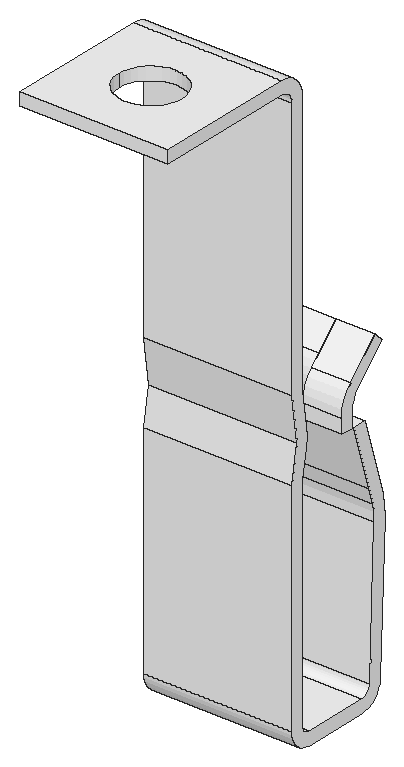
Revit family "hanger_cc19cc25", category 機械設備, Revit 2022
Family settings
  丸型コネクタ寸法 = 直径を使用
  種別 = なし
  パーツ タイプ = 標準
  作業面ベース = いいえ
  常に垂直 = はい
  ロード時にボイドで切り取り = いいえ
  注釈の向きを維持 = いいえ
  共有 = いいえ
  部屋計算ポイント = いいえ
Parameters
  製造元 = "株式会社桐井製作所"
  既定の高さ = 0 mm
  URL = "https://www.kirii.co.jp/"
  K_材質 = "SGCC一般用またはSGHC一般用"
  K_品名 = "CC-19用ハンガー、CC-25用ハンガー"
  K_名称 = "ハンガー"
  K_単位質量(kg/個) = 0.064
  K_入数 = "300"
  K_バージョン情報 = "20210524"
  K_めっき付着量 = "Z12"
  K_JIS規格 = "JIS G 3302"
  K_JIS外 [instance] = not(K_JIS)  # no
  K_JIS [instance] = yes
Reference planes
  plane 1 "中心(正面/背面)": y = 0
  plane 2: z = 0
  plane 3 "中心(左/右)": x = 0
  plane 4: x = 10
  plane 5: x = -10
Forms (mm)
  Extrusion 1, solid
    sketch origin (0, -1.432, 0) x (0, 1, 0) y (0, 0, 1)
      loop
        arc (10.858, 46.52) -> (9.317, 43.754) -> (9.398, 40.59) r 6
        line (9.398, 40.59) -> (9.685, 39.636) -> (13, 28.636) -> (13.708, 26.288)
        arc (13.708, 26.288) -> (13.984, 24.986) -> (14.041, 23.656) r 8
        line (14.041, 23.656) -> (13.142, 1.439)
        arc (13.142, 1.439) -> (12.682, 0.418) -> (11.643, 0) r 1.5
        line (11.643, 0) -> (1.5, 0)
        arc (1.5, 0) -> (0.439, 0.439) -> (0, 1.5) r 1.5
        line (0, 1.5) -> (0, 35.7) -> (0.716, 39.581)
        arc (0.716, 39.581) -> (0.88, 41.202) -> (0.778, 42.828) r 10
        line (0.778, 42.828) -> (0, 48.2) -> (0, 89)
        arc (0, 89) -> (-1.172, 91.828) -> (-4, 93) r 4
        line (-4, 93) -> (-26, 93) -> (-26, 91) -> (-4, 91)
        arc (-4, 91) -> (-2.586, 90.414) -> (-2, 89) r 2
        line (-2, 89) -> (-2, 48.2) -> (-1.027, 41.2) -> (-2, 35.7) -> (-2, 1.5)
        arc (-2, 1.5) -> (-0.975, -0.975) -> (1.5, -2) r 3.5
        line (1.5, -2) -> (11.643, -2)
        arc (11.643, -2) -> (14.067, -1.024) -> (15.14, 1.358) r 3.5
        line (15.14, 1.358) -> (16.04, 23.575)
        arc (16.04, 23.575) -> (15.968, 25.237) -> (15.623, 26.865) r 10
        line (15.623, 26.865) -> (11.313, 41.167)
        arc (11.313, 41.167) -> (11.259, 43.276) -> (12.286, 45.12) r 4
        line (12.286, 45.12) -> (15.5, 48.4) -> (14.072, 49.8) -> (10.858, 46.52)
    from -11.5 to 11.5
  Extrusion 2, solid
    sketch origin (0, -1.432, 0) x (0, 1, 0) y (0, 0, 1)
      loop
        line (15.5, 48.4) -> (14.072, 49.8) -> (9.4, 45.033)
        arc (9.4, 45.033) -> (8.131, 43.101) -> (7.685, 40.833) r 6
        line (7.685, 40.833) -> (7.685, 38.7) -> (9.685, 38.5) -> (9.685, 40.833)
        arc (9.685, 40.833) -> (9.982, 42.345) -> (10.829, 43.633) r 4
        line (10.829, 43.633) -> (15.5, 48.4)
    from -11.5 to 11.5
  Extrusion 3, void
    sketch origin (0, -1.432, 0) x (1, 0, 0) y (0, 1, 0)
      loop
        line (-11.5, 16.048) -> (-11.5, 7.685) -> (-5.5, 7.685) -> (-5.5, 16.048) -> (-11.5, 16.048)
      loop
        line (5.5, 16.048) -> (5.5, 7.685) -> (11.5, 7.685) -> (11.5, 16.048) -> (5.5, 16.048)
    from 38.5 to 49.8
  Extrusion 4, void
    sketch origin (0, -1.432, 0) x (1, 0, 0) y (0, 1, 0)
      loop
        line (-5.5, 15.5) -> (-5.5, 7.685) -> (5.5, 7.685) -> (5.5, 15.5) -> (-5.5, 15.5)
    from 38.5 to 49.8
  Extrusion 5, void
    sketch origin (0, 0, 0) x (1, 0, 0) y (0, 1, 0)
      loop
        circle (0, -16.432) r 5
    from 91 to 93
Cuts and joins
  Extrusion 3, Extrusion 5 cuts Extrusion 1
  Extrusion 4 cuts Extrusion 2
Dimensions and locks
  aligned and locked: level to plane 2
